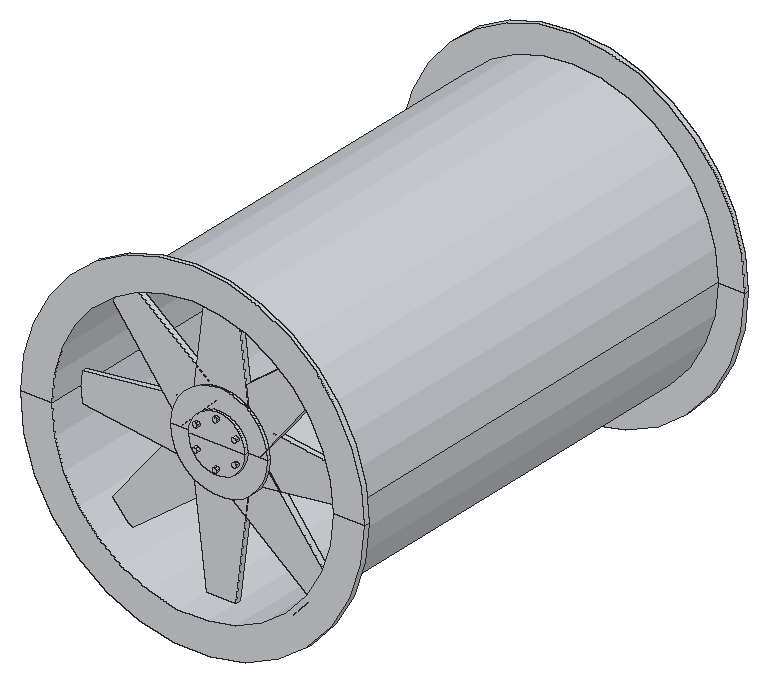
Revit family "CADS_Vent-Axia_MechEquip_Fan_BIFA_315_1Ph4P - SUPPLY", category Mechanical Equipment, Revit 2020
Family settings
  Round Connector Dimension = Use Diameter
  Part Type = Normal
  OmniClass Number = 23.75.00.00
  OmniClass Title = Climate Control (HVAC)
  Work Plane-Based = No
  Always vertical = Yes
  Cut with Voids When Loaded = No
  Shared = No
  Room Calculation Point = No
Parameters (values of type "BIFA311438")
  WorkingPressure = 0.0 Pa
  WarrantyStartDate [instance] = "1900-12-31T23:59:59"
  WarrantyPeriod = ""
  WarrantyIdentifier = "N/A"
  WarrantyGuarantorParts = "tech@vent-axia.com"
  WarrantyGuarantorLabor = "tech@vent-axia.com"
  WarrantyGuarantor = "Vent-Axia Limited"
  WarrantyEndDate [instance] = "1900-12-31T23:59:59"
  WarrantyContent = ""
  TemperatureRange = ""
  TagNumber [instance] = "N/A"
  SustainabilityPerformance = ""
  Status = "New"
  Size = ""
  Shape = ""
  ServiceLifeType = ""
  ServiceLifeDuration = ""
  SerialNumber [instance] = "N/A"
  ReplacementCost = ""
  RatedVoltage = 0 V
  RatedCurrent = 0 A
  Quantity = 1
  ProductionYear = ""
  PressureCurve = ""
  PowerFactor = ""
  PointOfContact = ""
  NumberOfPoles = 0
  NominalWidth = 315 mm
  NominalLength = 535 mm
  NominalHeight = 315 mm
  NominalFrequencyRange = ""
  NominalDiameter = 315 mm
  ModelReference = "BIF 315MM 1PH 4P 38DEG"
  ModelNumber = "BIFA311438"
  Material = ""
  ManufacturerE-Mail = "tech@vent-axia.com"
  ManufacturerAddress = "Fleming Way\nCrawley \nRH10 9YX"
  IsExtendedWarranty = no
  InsulationStandardClass = ""
  InstallationDate [instance] = "1900-12-31T23:59:59"
  IfcExportType [instance] = ""
  IfcExportAs = "IfcFanType"
  IP_Code = ""
  HasProtectiveEarth = no
  GrossWeight = 0.00 kg
  Grade = ""
  GlobalTradeItemNumber [instance] = "N/A"
  Fitting Type = "Ignore"
  Finish = ""
  Features = ""
  ExteriorInsulation = no
  ExpectedServiceLife = 0
  Exclusions = ""
  DurationUnit = "Year"
  Default Elevation = 0 mm
  Constituents = ""
  ConductorFunction = ""
  Color = ""
  CodePerformance = ""
  Category = ""
  CADS_Usage = 0
  CADS_Index = 0
  AssetType = "FIXED"
  AssetIdentifier [instance] = "N/A"
  AssemblyPlace = "UNKNOWN"
  ArticleNumber [instance] = "N/A"
  AirflowRateRange = 0.0 L/s
  Air Flow [instance] = 0.0 L/s
  AccessibilityPerformance = ""
Types (15, lengths in mm): name | ModelReference | ModelNumber
  BIFA311410 | "BIF 315MM 1PH 4P 10DEG" | "BIFA311410"
  BIFA311412 | "BIF 315MM 1PH 4P 12DEG" | "BIFA311412"
  BIFA311414 | "BIF 315MM 1PH 4P 14DEG" | "BIFA311414"
  BIFA311416 | "BIF 315MM 1PH 4P 16DEG" | "BIFA311416"
  BIFA311418 | "BIF 315MM 1PH 4P 18DEG" | "BIFA311418"
  BIFA311420 | "BIF 315MM 1PH 4P 20DEG" | "BIFA311420"
  BIFA311422 | "BIF 315MM 1PH 4P 22DEG" | "BIFA311422"
  BIFA311424 | "BIF 315MM 1PH 4P 24DEG" | "BIFA311424"
  BIFA311426 | "BIF 315MM 1PH 4P 26DEG" | "BIFA311426"
  BIFA311428 | "BIF 315MM 1PH 4P 28DEG" | "BIFA311428"
  BIFA311430 | "BIF 315MM 1PH 4P 30DEG" | "BIFA311430"
  BIFA311432 | "BIF 315MM 1PH 4P 32DEG" | "BIFA311432"
  BIFA311434 | "BIF 315MM 1PH 4P 34DEG" | "BIFA311434"
  BIFA311436 | "BIF 315MM 1PH 4P 36DEG" | "BIFA311436"
  BIFA311438 | "BIF 315MM 1PH 4P 38DEG" | "BIFA311438"
Reference planes
  plane 1 "Center (Front/Back)": y = 0
  plane 2: z = 0
  plane 3 "Center (Left/Right)": x = 0
  plane 4: x = -157.5
  plane 5: x = 157.5
  plane 6 "F": y = -267.5
  plane 7 "B": y = 267.5
  plane 8: x = -192.5
  plane 9: y = 262.5
  plane 10: y = -262.5
  plane 11: x = -162.5
  plane 12: y = -227.5
Forms (mm)
  Revolve 1, solid
    sketch origin (0, 0, 0) x (1, 0, 0) y (0, 1, 0)
      loop
        line (-192.5, -267.5) -> (-157.5, -267.5) -> (-157.5, 267.5) -> (-192.5, 267.5) -> (-192.5, 262.5) -> (-162.5, 262.5) -> (-162.5, -262.5) -> (-192.5, -262.5) -> (-192.5, -267.5)
      axis (0, 267.5) -> (0, -267.5)
    angle from 0 to 360
Dimensions and locks
  equal spacing: plane 4, plane 3 "Center (Left/Right)", plane 5
  equal spacing: plane 7 "B", plane 1 "Center (Front/Back)", plane 6 "F"
  "NominalLength": plane 7 "B" to plane 6 "F"
  "NominalDiameter": plane 4 to plane 5
  locked: plane 11 to plane 4 at 5
  locked: plane 8 to plane 11 at 30
  locked: plane 6 "F" to plane 10 at 5
  locked: plane 7 "B" to plane 9 at 5
  locked: plane 6 "F" to plane 12 at 40
  aligned and locked: level to plane 2
  aligned and locked: nested 1 to plane 12
Automatic sketch dimensions
  plane 6 "F" to Revolve 1 sketch curve = 0 mm
  Revolve 1 sketch curve to plane 8 = 0 mm  (x2)
  plane 10 to Revolve 1 sketch curve = 0 mm
  Revolve 1 sketch curve to plane 11 = 0 mm
  Revolve 1 sketch curve to plane 4 = 0 mm
  Revolve 1 sketch curve to plane 3 "Center (Left/Right)" = 0 mm
  plane 1 "Center (Front/Back)" to Revolve 1 sketch curve = 0 mm
  Revolve 1 sketch curve to plane 9 = 0 mm
  Revolve 1 sketch curve to plane 7 "B" = 0 mm
  plane 6 "F" to Revolve 1 sketch curve = 115 mm
Nested families
  nested 1: "Fan for BIFA" at (0, -227.5, 0), ND <- "NominalDiameter", type "Fan for BIFA"
    with hub 31.5 mm, ND 315 mm, BoltPCD 25.2 mm, Bolt Count 6, B_Diam 5 mm
  nested 2: "Bolts" at (21.824, -236.672, -12.6) x (-0.5, 0, -0.866) z (0, 1, 0), type "Bolts"
    with bd 5 mm
  nested 3: "Bolts" at (0, -236.672, -25.2) x (-1, 0, 0) z (0, 1, 0), type "Bolts"
    with bd 5 mm
  nested 4: "Bolts" at (-21.824, -236.672, -12.6) x (-0.5, 0, 0.866) z (0, 1, 0), type "Bolts"
    with bd 5 mm
  nested 5: "Bolts" at (-21.824, -236.672, 12.6) x (0.5, 0, 0.866) z (0, 1, 0), type "Bolts"
    with bd 5 mm
  nested 6: "Bolts" at (21.824, -236.672, 12.6) x (0.5, 0, -0.866) z (0, 1, 0), type "Bolts"
    with bd 5 mm
  nested 7: "Bolts" at (0, -236.672, 25.2) x (1, 0, 0) z (0, 1, 0), type "Bolts"
    with bd 5 mm
  nested 8: "BIFA Blade" at (0, -227.5, 0), type "BIFA Blade"
    with a 20.00°, HR 31.5 mm, HD 63 mm, BT 31.5 mm, BR 126 mm, BH 40 mm, BD 315 mm, BB 63 mm
  nested 9: "BIFA Blade" at (0, -227.5, 0) x (0.7071, 0, -0.7071) z (0.7071, 0, 0.7071), type "BIFA Blade"
    with a 20.00°, HR 31.5 mm, HD 63 mm, BT 31.5 mm, BR 126 mm, BH 40 mm, BD 315 mm, BB 63 mm
  nested 10: "BIFA Blade" at (0, -227.5, 0) x (0, 0, -1) z (1, 0, 0), type "BIFA Blade"
    with a 20.00°, HR 31.5 mm, HD 63 mm, BT 31.5 mm, BR 126 mm, BH 40 mm, BD 315 mm, BB 63 mm
  nested 11: "BIFA Blade" at (0, -227.5, 0) x (-0.7071, 0, -0.7071) z (0.7071, 0, -0.7071), type "BIFA Blade"
    with a 20.00°, HR 31.5 mm, HD 63 mm, BT 31.5 mm, BR 126 mm, BH 40 mm, BD 315 mm, BB 63 mm
  nested 12: "BIFA Blade" at (0, -227.5, 0) x (-1, 0, 0) z (0, 0, -1), type "BIFA Blade"
    with a 20.00°, HR 31.5 mm, HD 63 mm, BT 31.5 mm, BR 126 mm, BH 40 mm, BD 315 mm, BB 63 mm
  nested 13: "BIFA Blade" at (0, -227.5, 0) x (-0.7071, 0, -0.7071) z (-0.7071, 0, 0.7071), type "BIFA Blade"
    with a 20.00°, HR 31.5 mm, HD 63 mm, BT 31.5 mm, BR 126 mm, BH 40 mm, BD 315 mm, BB 63 mm
  nested 14: "BIFA Blade" at (0, -227.5, 0) x (0, 0, -1) z (-1, 0, 0), type "BIFA Blade"
    with a 20.00°, HR 31.5 mm, HD 63 mm, BT 31.5 mm, BR 126 mm, BH 40 mm, BD 315 mm, BB 63 mm
  nested 15: "BIFA Blade" at (0, -227.5, 0) x (0.7071, 0, -0.7071) z (-0.7071, 0, -0.7071), type "BIFA Blade"
    with a 20.00°, HR 31.5 mm, HD 63 mm, BT 31.5 mm, BR 126 mm, BH 40 mm, BD 315 mm, BB 63 mm
Connectors
  hvac at (0, -267.5, 0), driven by "NominalDiameter", driven by "Air Flow"
    settings: on Revolve 1, index 1, duct flow 0.0 L/s, flow factor 0, pres drop 0.0 Pa, loss coef 0, conn angle 0.00°, conn width 304.8 mm, conn height 304.8 mm, conn diameter 315 mm, duct sys type 1, conn prof type 0, flow config 1, flow direction 1, loss method 0, conn ref index -1, conn util no, is conn primary yes, conn desc ""
  hvac at (0, 267.5, 0), driven by "NominalDiameter", driven by "Air Flow"
    settings: on Revolve 1, index 2, duct flow 0.0 L/s, flow factor 0, pres drop 0.0 Pa, loss coef 0, conn angle 0.00°, conn width 304.8 mm, conn height 304.8 mm, conn diameter 315 mm, duct sys type 1, conn prof type 0, flow config 0, flow direction 2, loss method 0, conn ref index -1, conn util no, is conn primary no, conn desc ""
Definition of nested family "Fan for BIFA"
  Parameters (values of type "Fan for BIFA")
    hub [instance] = ND / 10  # 50 mm
    ND [instance] = 500 mm
    Model = "."
    Default Elevation = 0 mm
    BoltPCD [instance] = hub - (hub * 0.2)  # 40 mm
    Bolt Count [instance] = if(hub < 50 mm, 6, 8)  # 8
    B_Diam [instance] = if(hub < 50 mm, 5 mm, 10 mm)  # 10 mm
  Reference planes
    plane 1 "Center (Front/Back)": y = 0
    plane 2: z = 0
    plane 3 "Center (Left/Right)": x = 0
    plane 4 "back": y = 20
    plane 5 "bolts": y = -9.172
    plane 6 "B": z = 50
    plane 7: x = -72.587
    plane 8: x = -50
    plane 9 "hubface": y = -6.172
  Forms (mm)
    Revolve 1, solid
      sketch origin (0, 0, 0) x (1, 0, 0) y (0, 1, 0)
        loop
          line (0, 20) -> (-50, 20) -> (-50, 10.504) -> (-72.587, 10.504) -> (-72.587, -2.597) -> (-50, -2.597) -> (-50, -6.172) -> (0, -6.172) -> (0, 20)
        axis (0, 20) -> (0, -6.172)
      angle from 0 to 360
    Extrusion 2, solid, not visible
      sketch origin (0, -6.347, -4) x (-1, 0, 0) y (0, 0, 1)
        loop
          circle (0, 84) r 5
      from 0 to 3
  Lines and regions (mm)
    symbolic lines
      curve 1: circle (0, -9.172, 0) r 40 normal (0, 1, 0)
    model lines, not visible
      curve 2: line (0, -6.347, 85) -> (0, -6.347, 75)
  Dimensions and locks
    "hub": plane 6 "B" to plane 2
    "hub": nested 3 to plane 3 "Center (Left/Right)"
    "hub": nested 4 to plane 3 "Center (Left/Right)"
    "hub": nested 5 to plane 3 "Center (Left/Right)"
    "hub": plane 3 "Center (Left/Right)" to nested 6
    "hub": Revolve 1 sketch curve to Revolve 1 sketch curve
    "hub": plane 3 "Center (Left/Right)" to nested 7
    "hub": plane 3 "Center (Left/Right)" to nested 8
    "hub": plane 3 "Center (Left/Right)" to nested 9
    "hub": plane 8 to plane 3 "Center (Left/Right)"
    plane 7 to plane 8 = 22.587 mm
    diameter of Extrusion 2 sketch curve = 10 mm
    "BoltPCD": radius of curve 1
    "BoltPCD": radius of radial array
    aligned and locked: level to plane 2
    aligned and locked: plane 6 "B" to nested 1
  Automatic sketch dimensions
    Revolve 1 sketch curve to plane 7 = 0 mm
    Revolve 1 sketch curve to plane 8 = 0 mm  (x2)
    Revolve 1 sketch curve to plane 3 "Center (Left/Right)" = 0 mm
    Revolve 1 sketch curve to plane 9 "hubface" = 0 mm
    plane 4 "back" to Revolve 1 sketch curve = 0 mm
    plane 1 "Center (Front/Back)" to Revolve 1 sketch curve = 2.597 mm
    plane 4 "back" to Revolve 1 sketch curve = 9.496 mm
    plane 4 "back" to Revolve 1 sketch curve = 5 mm
    Revolve 1 sketch curve to Revolve 1 sketch curve = 45 mm
    curve 1 to level = 0 mm
    curve 1 to plane 3 "Center (Left/Right)" = 0 mm
  Nested families
    nested 1: "BIFA Blade" at (0, 0, 25), BD <- "ND", HD <- "hub", type "BIFA Blade"
      with a 20.00°, HR 25 mm, HD 50 mm, BT 25 mm, BR 100 mm, BH 40 mm, BD 250 mm, BB 50 mm
    nested 2: "BIFA Blade" at (0, 0, 55), BD <- "ND", HD <- "hub", type "BIFA Blade", not visible
      with a 20.00°, HR 25 mm, HD 50 mm, BT 25 mm, BR 100 mm, BH 40 mm, BD 250 mm, BB 50 mm
    nested 3: "BIFA Blade" at (17.678, 0, 17.678) x (0.7071, 0, -0.7071) z (0.7071, 0, 0.7071), BD <- "ND", HD <- "hub", type "BIFA Blade"
      with a 20.00°, HR 25 mm, HD 50 mm, BT 25 mm, BR 100 mm, BH 40 mm, BD 250 mm, BB 50 mm
    nested 4: "BIFA Blade" at (25, 0, 0) x (0, 0, -1) z (1, 0, 0), BD <- "ND", HD <- "hub", type "BIFA Blade"
      with a 20.00°, HR 25 mm, HD 50 mm, BT 25 mm, BR 100 mm, BH 40 mm, BD 250 mm, BB 50 mm
    nested 5: "BIFA Blade" at (17.678, 0, -17.678) x (-0.7071, 0, -0.7071) z (0.7071, 0, -0.7071), BD <- "ND", HD <- "hub", type "BIFA Blade"
      with a 20.00°, HR 25 mm, HD 50 mm, BT 25 mm, BR 100 mm, BH 40 mm, BD 250 mm, BB 50 mm
    nested 6: "BIFA Blade" at (0, 0, -25) x (-1, 0, 0) z (0, 0, -1), BD <- "ND", HD <- "hub", type "BIFA Blade"
      with a 20.00°, HR 25 mm, HD 50 mm, BT 25 mm, BR 100 mm, BH 40 mm, BD 250 mm, BB 50 mm
    nested 7: "BIFA Blade" at (-17.678, 0, 17.678) x (-0.7071, 0, -0.7071) z (-0.7071, 0, 0.7071), BD <- "ND", HD <- "hub", type "BIFA Blade"
      with a 20.00°, HR 25 mm, HD 50 mm, BT 25 mm, BR 100 mm, BH 40 mm, BD 250 mm, BB 50 mm
    nested 8: "BIFA Blade" at (-25, 0, 0) x (0, 0, -1) z (-1, 0, 0), BD <- "ND", HD <- "hub", type "BIFA Blade"
      with a 20.00°, HR 25 mm, HD 50 mm, BT 25 mm, BR 100 mm, BH 40 mm, BD 250 mm, BB 50 mm
    nested 9: "BIFA Blade" at (-17.678, 0, -17.678) x (0.7071, 0, -0.7071) z (-0.7071, 0, -0.7071), BD <- "ND", HD <- "hub", type "BIFA Blade"
      with a 20.00°, HR 25 mm, HD 50 mm, BT 25 mm, BR 100 mm, BH 40 mm, BD 250 mm, BB 50 mm
    nested 10: "Bolts" at (0, -9.172, 40) x (1, 0, 0) z (0, 1, 0), bd <- "B_Diam", type "Bolts"
      with bd 10 mm
    nested 11: "Bolts" at (28.284, -9.172, 28.284) x (0.7071, 0, -0.7071) z (0, 1, 0), bd <- "B_Diam", type "Bolts"
      with bd 10 mm
    nested 12: "Bolts" at (-28.284, -9.172, 28.284) x (0.7071, 0, 0.7071) z (0, 1, 0), bd <- "B_Diam", type "Bolts"
      with bd 10 mm
    nested 13: "Bolts" at (-40, -9.172, 0) x (0, 0, 1) z (0, 1, 0), bd <- "B_Diam", type "Bolts"
      with bd 10 mm
    nested 14: "Bolts" at (-28.284, -9.172, -28.284) x (-0.7071, 0, 0.7071) z (0, 1, 0), bd <- "B_Diam", type "Bolts"
      with bd 10 mm
    nested 15: "Bolts" at (0, -9.172, -40) x (-1, 0, 0) z (0, 1, 0), bd <- "B_Diam", type "Bolts"
      with bd 10 mm
    nested 16: "Bolts" at (28.284, -9.172, -28.284) x (-0.7071, 0, -0.7071) z (0, 1, 0), bd <- "B_Diam", type "Bolts"
      with bd 10 mm
    nested 17: "Bolts" at (40, -9.172, 0) x (0, 0, -1) z (0, 1, 0), bd <- "B_Diam", type "Bolts"
      with bd 10 mm
  Definition of nested family "BIFA Blade"
    Parameters (values of type "BIFA Blade")
      a [instance] = 20.00°
      HR [instance] = HD / 2  # 30 mm
      HD [instance] = BD / 5  # 60 mm
      Default Elevation = 1219.2 mm
      BT [instance] = BD / 10  # 30 mm
      BR [instance] = (BD / 2) - HR  # 120 mm
      BH [instance] = 40 mm
      BD [instance] = 300 mm
      BB [instance] = BD / 5  # 60 mm
    Reference planes
      plane 1 "Center (Front/Back)": y = 0
      plane 2: z = 0
      plane 3 "Center (Left/Right)": x = 0
      plane 4 "Blade Bot": z = 30
      plane 5: x = -30
      plane 6: x = 30
      plane 7: x = -15
      plane 8: x = 15
    Forms (mm)
      Blend 1, solid
        base sketch origin (0, 0, 30) x (-1, 0, 0) y (0, -1, 0)
          loop
            line (30, 0) -> (-30, 0) -> (-30, -6) -> (30, -6) -> (30, 0)
        top sketch origin (0, 0, 30) x (-1, 0, 0) y (0, -1, 0)
          loop
            line (15, -6) -> (15, 0) -> (-15, 0) -> (-15, -6) -> (15, -6)
        from 0 to 120 <- "BR"
    Dimensions and locks
      "HR": plane 4 "Blade Bot" to level
      equal spacing: plane 8, plane 3 "Center (Left/Right)", plane 7
      "BT": plane 8 to plane 7
      equal spacing: plane 6, plane 3 "Center (Left/Right)", plane 5
      "BB": plane 6 to plane 5
      aligned and locked: level to plane 2
    Automatic sketch dimensions
      plane 1 "Center (Front/Back)" to Blend 1 sketch curve = 0 mm  (x2)
      Blend 1 sketch curve to plane 6 = 0 mm
      Blend 1 sketch curve to plane 5 = 0 mm
      Blend 1 sketch curve to plane 1 "Center (Front/Back)" = 6 mm  (x2)
      Blend 1 sketch curve to plane 8 = 0 mm
      Blend 1 sketch curve to plane 7 = 0 mm
  Definition of nested family "Bolts"
    Parameters
      bd [instance] = 10 mm
      Default Elevation = 1219.2 mm
    Reference planes
      plane 1 "Center (Front/Back)": y = 0
      plane 2: z = 0
      plane 3 "Center (Left/Right)": x = 0
    Forms (mm)
      Extrusion 1, solid
        sketch origin (0, 0, 0) x (1, 0, 0) y (0, 1, 0)
          loop
            line (-1219.2, 1219.2) -> (-1219.2, -1219.2) -> (1219.2, -1219.2) -> (1219.2, 1219.2) -> (-1219.2, 1219.2)
        from 0 to -304.8
      Extrusion 2, solid
        sketch origin (0, 0, 0) x (1, 0, 0) y (0, 1, 0)
          loop
            circle (0, 0) r 5
        from 0 to 3
    Dimensions and locks
      "bd": diameter of Extrusion 2 sketch curve
      aligned and locked: plane 2 to Extrusion 1
      aligned and locked: level to Extrusion 1
    Automatic sketch dimensions
      Extrusion 1 sketch curve to Extrusion 1 sketch curve = 2438.4 mm  (x2)
      plane 1 "Center (Front/Back)" to Extrusion 2 sketch curve = 0 mm
      Extrusion 2 sketch curve to plane 3 "Center (Left/Right)" = 0 mm
Definition of nested family "Bolts"
  Parameters
    bd [instance] = 10 mm
    Default Elevation = 1219.2 mm
  Reference planes
    plane 1 "Center (Front/Back)": y = 0
    plane 2: z = 0
    plane 3 "Center (Left/Right)": x = 0
  Forms (mm)
    Extrusion 1, solid
      sketch origin (0, 0, 0) x (1, 0, 0) y (0, 1, 0)
        loop
          line (-1219.2, 1219.2) -> (-1219.2, -1219.2) -> (1219.2, -1219.2) -> (1219.2, 1219.2) -> (-1219.2, 1219.2)
      from 0 to -304.8
    Extrusion 2, solid
      sketch origin (0, 0, 0) x (1, 0, 0) y (0, 1, 0)
        loop
          circle (0, 0) r 5
      from 0 to 3
  Dimensions and locks
    "bd": diameter of Extrusion 2 sketch curve
    aligned and locked: plane 2 to Extrusion 1
    aligned and locked: level to Extrusion 1
  Automatic sketch dimensions
    Extrusion 1 sketch curve to Extrusion 1 sketch curve = 2438.4 mm  (x2)
    plane 1 "Center (Front/Back)" to Extrusion 2 sketch curve = 0 mm
    Extrusion 2 sketch curve to plane 3 "Center (Left/Right)" = 0 mm
Definition of nested family "BIFA Blade"
  Parameters (values of type "BIFA Blade")
    a [instance] = 20.00°
    HR [instance] = HD / 2  # 30 mm
    HD [instance] = BD / 5  # 60 mm
    Default Elevation = 1219.2 mm
    BT [instance] = BD / 10  # 30 mm
    BR [instance] = (BD / 2) - HR  # 120 mm
    BH [instance] = 40 mm
    BD [instance] = 300 mm
    BB [instance] = BD / 5  # 60 mm
  Reference planes
    plane 1 "Center (Front/Back)": y = 0
    plane 2: z = 0
    plane 3 "Center (Left/Right)": x = 0
    plane 4 "Blade Bot": z = 30
    plane 5: x = -30
    plane 6: x = 30
    plane 7: x = -15
    plane 8: x = 15
  Forms (mm)
    Blend 1, solid
      base sketch origin (0, 0, 30) x (-1, 0, 0) y (0, -1, 0)
        loop
          line (30, 0) -> (-30, 0) -> (-30, -6) -> (30, -6) -> (30, 0)
      top sketch origin (0, 0, 30) x (-1, 0, 0) y (0, -1, 0)
        loop
          line (15, -6) -> (15, 0) -> (-15, 0) -> (-15, -6) -> (15, -6)
      from 0 to 120 <- "BR"
  Dimensions and locks
    "HR": plane 4 "Blade Bot" to level
    equal spacing: plane 8, plane 3 "Center (Left/Right)", plane 7
    "BT": plane 8 to plane 7
    equal spacing: plane 6, plane 3 "Center (Left/Right)", plane 5
    "BB": plane 6 to plane 5
    aligned and locked: level to plane 2
  Automatic sketch dimensions
    plane 1 "Center (Front/Back)" to Blend 1 sketch curve = 0 mm  (x2)
    Blend 1 sketch curve to plane 6 = 0 mm
    Blend 1 sketch curve to plane 5 = 0 mm
    Blend 1 sketch curve to plane 1 "Center (Front/Back)" = 6 mm  (x2)
    Blend 1 sketch curve to plane 8 = 0 mm
    Blend 1 sketch curve to plane 7 = 0 mm
